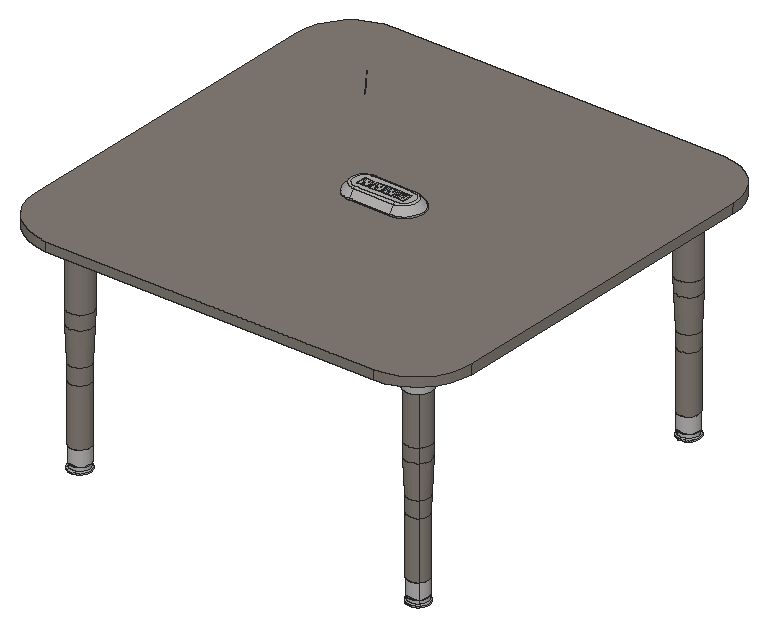
Revit family "Table-Teknion-Zones_ZNTWB-R2015", category Furniture, Revit 2015 (continued)
Definition of nested family "Accessory-Power_Pill-Teknion-Zones_ZNEP_Four_Modules-R2013"
  Automatic sketch dimensions
    curve 117 to curve 117 = 0.04"
    curve 111 to curve 119 = 0"
    curve 120 to curve 120 = 0.04"
    curve 121 to curve 119 = 0.04"
    curve 123 to curve 123 = 0.04"
    plane 3 "Center L/R" to curve 126 = 0.18154"
    curve 125 to curve 125 = 0.04"
    curve 127 to curve 127 = 0.04"
    curve 62 to curve 128 = 0.22246"
    curve 128 to curve 129 = 0.04"
    curve 131 to curve 131 = 0.04"
    curve 134 to plane 1 "Center F/B" = 0.525"
    curve 133 to curve 133 = 0.04"
    curve 135 to curve 135 = 0.04"
    curve 107 to curve 136 = 0.22246"
    curve 136 to curve 137 = 0.04"
    curve 101 to curve 138 = 0.19681"
    curve 139 to curve 139 = 0.04"
    curve 1 to curve 109 = 0.04829"
    curve 9 to curve 118 = 0.04003"
    curve 9 to curve 118 = 0.03349"
    curve 17 to curve 126 = 0.04003"
    curve 17 to curve 126 = 0.03349"
    curve 25 to curve 134 = 0.0483"
Definition of nested family "Table-Cable_Manager-Teknion-Zones_ZNEC-R2013"
  Parameters
    Width = 2.40687"
    Warranty = "http://www.teknion.com/ca/papers/legal-canada"
    URL = "www.teknion.com"
    Sustainability Data = "http://www.teknion.com/ca/tools/assets#&asset=444deb64-fe58-4b68-981e-f75e97781df7,b4ff2d81-9f2e-437d-9659-7cffb09c31cf"
    Square or Round Workshop [instance] = yes
    Series = "Zones"
    Rectangular Workshop [instance] = not(Square or Round Workshop)  # no
    Product Page URL = "http://www.teknion.com/products/product-details?productLineId=b28c7a6e-8e7a-673b-a6c8-ff64004460c4"
    Product Line = "Zones"
    Product Documentation Link = "http://www.teknion.com/pricing/Zones/pdfs/ZNEC_ppg.pdf"
    Part Number = "ZNEC"
    Model = "See Item Code"
    Manufacturer Phone = "416-661-3370"
    Manufacturer Fax = "416.661.4586"
    Manufacturer Contact Information = "http://www.teknion.com/ca/contactus"
    Manufacturer Address = "1150 Flint Road, Toronto, ON. M3J 2J5. Canada"
    Manufacturer = "Teknion"  # constant formula
    Item Code [instance] = if(Square or Round Workshop, "ZNECTS", "ZNECTR")  # "ZNECTS"
    Height [instance] = 24"
    Description = "Workshop Table Cable Manager, Task Height"
    Depth = 4 57/128"
    Cable Manager Material = none
    Assembly Code = "E2020200"
  Reference planes (in)
    plane 1 "Center F/B": y = 0
    plane 2: z = 0
    plane 3 "Center L/R": x = 0
    plane 4 "Left": x = -1.20344
    plane 5 "Right": x = 1.20344
    plane 6 "Back": y = 2.22265
    plane 7 "Front": y = -2.22265
    plane 8 "Top": z = 24
    plane 9: y = 1.01922
    plane 10: y = -1.01922
    plane 11 "Masking Region": z = 27
  Forms (in)
    Sweep 1, solid, material <- "Cable Manager Material"
      path origin (0, 0, 0) x (1, 0, 0) y (0, 1, 0)
        loop
          line (-1.20344, 1.01922) -> (-1.20344, -1.01922)
          arc (-1.20344, -1.01922) -> (0, -2.22265) -> (1.20344, -1.01922) r 1.20344
          line (1.20344, -1.01922) -> (1.20344, 1.01922)
          arc (1.20344, 1.01922) -> (0, 2.22265) -> (-1.20344, 1.01922) r 1.20344
      profile origin (-1.20344, 0, 0) x (1, 0, 0) y (0, 0, 1)
        loop
          line (0, 22.64001) -> (0, 0) -> (0.04, 0) -> (0.04, 22.63944)
          arc (0.04, 22.63944) -> (0.06579, 22.81091) -> (0.13177, 22.97126) r 0.72121
          arc (0.13177, 22.97126) -> (0.23286, 23.12734) -> (0.35305, 23.26924) r 1.45442
          line (0.35305, 23.26924) -> (0.29818, 23.26924)
          arc (0.29818, 23.26924) -> (0.1895, 23.13583) -> (0.09687, 22.99082) r 1.49442
          arc (0.09687, 22.99082) -> (0.02716, 22.82129) -> (0, 22.64001) r 0.76121
    Sweep 2, void
      path origin (0, 0, 0) x (1, 0, 0) y (0, 1, 0)
        loop
          line (0, 2.22265) -> (0, -2.22265)
      profile origin (0, 0, 0) x (1, 0, 0) y (0, 0, 1)
        loop
          line (-0.55955, 24) -> (-0.55955, 22.43135)
          arc (-0.55955, 22.43135) -> (-0.52293, 22.34296) -> (-0.43455, 22.30635) r 0.125
          line (-0.43455, 22.30635) -> (0.43455, 22.30635)
          arc (0.43455, 22.30635) -> (0.52293, 22.34296) -> (0.55955, 22.43135) r 0.125
          line (0.55955, 22.43135) -> (0.55955, 24) -> (-0.55955, 24)
    Sweep 3, solid
      path origin (0, 0, 0) x (1, 0, 0) y (0, 1, 0)
        loop
          arc (1.20344, 1.01922) -> (0, 2.22265) -> (-1.20344, 1.01922) r 1.20344
          line (-1.20344, 1.01922) -> (-1.20344, -1.01922)
          arc (-1.20344, -1.01922) -> (0, -2.22265) -> (1.20344, -1.01922) r 1.20344
          line (1.20344, -1.01922) -> (1.20344, 1.01922)
      profile origin (-1.20344, 0, 0) x (1, 0, 0) y (0, 0, 1)
        loop
          circle (0.37162, 23.21258) r 0.0937
    Sweep 4, solid
      path origin (0, 0, 0) x (1, 0, 0) y (0, 0, 1)
        loop
          line (0, 23.92126) -> (0, 24)
      profile origin (0, 0, 23.96063) x (-1, 0, 0) y (0, -1, 0)
        loop
          line (0.4101, 0.5) -> (0.68898, 0.6015) -> (0.68898, 1.44442)
          arc (0.68898, 1.44442) -> (0.51174, 1.56247) -> (0.31496, 1.64387) r 1.09197
          line (0.31496, 1.64387) -> (0.31496, 1.71161) -> (-0.31496, 1.71161) -> (-0.31496, 1.64387)
          arc (-0.31496, 1.64387) -> (-0.51174, 1.56247) -> (-0.68898, 1.44442) r 1.09197
          line (-0.68898, 1.44442) -> (-0.68898, 0.6015) -> (-0.4101, 0.5) -> (-0.4101, -0.5) -> (-0.68898, -0.6015) -> (-0.68898, -1.44442)
          arc (-0.68898, -1.44442) -> (-0.51174, -1.56247) -> (-0.31496, -1.64387) r 1.09197
          line (-0.31496, -1.64387) -> (-0.31496, -1.71161) -> (0.31496, -1.71161) -> (0.31496, -1.64387)
          arc (0.31496, -1.64387) -> (0.51174, -1.56247) -> (0.68898, -1.44442) r 1.09197
          line (0.68898, -1.44442) -> (0.68898, -0.6015) -> (0.4101, -0.5) -> (0.4101, 0.5)
    Sweep 5, solid
      path origin (0, 0, 0) x (1, 0, 0) y (0, 1, 0)
        loop
          line (-0.31496, 0) -> (0.31496, 0)
      profile origin (0, 0, 0) x (0, 1, 0) y (0, 0, 1)
        loop
          line (1.71161, 23.2126) -> (1.71161, 23.92126) -> (1.63287, 23.92126) -> (1.63287, 23.1187) -> (1.74838, 23.1187)
          arc (1.74838, 23.1187) -> (1.72113, 23.16218) -> (1.71161, 23.2126) r 0.13829
        loop
          arc (-1.71161, 23.2126) -> (-1.72113, 23.16218) -> (-1.74838, 23.1187) r 0.13829
          line (-1.74838, 23.1187) -> (-1.63287, 23.1187) -> (-1.63287, 23.92126) -> (-1.71161, 23.92126) -> (-1.71161, 23.2126)
    Sweep 6, solid, visible <- "Square or Round Workshop"
      path origin (0, 0, 0) x (1, 0, 0) y (0, 0, 1)
        loop
          line (0, 23.94) -> (0, 21)
      profile origin (0, 0, 22.47) x (0, -1, 0) y (1, 0, 0)
        loop
          arc (-2.75, -1.2021) -> (-2.62318, -1.50828) -> (-2.317, -1.6351) r 0.433
          line (-2.317, -1.6351) -> (2.317, -1.6351)
          arc (2.317, -1.6351) -> (2.62318, -1.50828) -> (2.75, -1.2021) r 0.433
          line (2.75, -1.2021) -> (2.75, -0.058)
          arc (2.75, -0.058) -> (2.73301, -0.01699) -> (2.692, 0) r 0.058
          arc (2.692, 0) -> (2.73301, 0.01699) -> (2.75, 0.058) r 0.058
          line (2.75, 0.058) -> (2.75, 1.2021)
          arc (2.75, 1.2021) -> (2.62318, 1.50828) -> (2.317, 1.6351) r 0.433
          line (2.317, 1.6351) -> (-2.317, 1.6351)
          arc (-2.317, 1.6351) -> (-2.62318, 1.50828) -> (-2.75, 1.2021) r 0.433
          line (-2.75, 1.2021) -> (-2.75, 0.058)
          arc (-2.75, 0.058) -> (-2.73301, 0.01699) -> (-2.692, 0) r 0.058
          arc (-2.692, 0) -> (-2.73301, -0.01699) -> (-2.75, -0.058) r 0.058
          line (-2.75, -0.058) -> (-2.75, -1.2021)
        loop
          line (-2.702, -0.048) -> (-2.702, -1.2021)
          arc (-2.702, -1.2021) -> (-2.58924, -1.47434) -> (-2.317, -1.5871) r 0.385
          line (-2.317, -1.5871) -> (2.317, -1.5871)
          arc (2.317, -1.5871) -> (2.58924, -1.47434) -> (2.702, -1.2021) r 0.385
          line (2.702, -1.2021) -> (2.702, -0.048) -> (1.75, -0.048) -> (1.75, 0.048) -> (2.702, 0.048) -> (2.702, 1.2021)
          arc (2.702, 1.2021) -> (2.58924, 1.47434) -> (2.317, 1.5871) r 0.385
          line (2.317, 1.5871) -> (-2.317, 1.5871)
          arc (-2.317, 1.5871) -> (-2.58924, 1.47434) -> (-2.702, 1.2021) r 0.385
          line (-2.702, 1.2021) -> (-2.702, 0.048) -> (-1.75, 0.048) -> (-1.75, -0.048) -> (-2.702, -0.048)
    Sweep 7, solid, visible <- "Square or Round Workshop"
      path origin (0, 0, 0) x (1, 0, 0) y (0, 0, 1)
        loop
          line (0, 23.94) -> (0, 24)
      profile origin (0, 0, 23.97) x (-1, 0, 0) y (0, -1, 0)
        loop
          line (1.6351, -1.7247) -> (1.6351, 1.7247) -> (0.9742, 1.7247)
          arc (0.9742, 1.7247) -> (0.88581, 1.68809) -> (0.8492, 1.5997) r 0.125
          line (0.8492, 1.5997) -> (0.8492, -1.5997)
          arc (0.8492, -1.5997) -> (0.88581, -1.68809) -> (0.9742, -1.7247) r 0.125
          line (0.9742, -1.7247) -> (1.6351, -1.7247)
        loop
          line (-1.6351, 1.7247) -> (-1.6351, -1.7247) -> (-0.9742, -1.7247)
          arc (-0.9742, -1.7247) -> (-0.88581, -1.68809) -> (-0.8492, -1.5997) r 0.125
          line (-0.8492, -1.5997) -> (-0.8492, 1.5997)
          arc (-0.8492, 1.5997) -> (-0.88581, 1.68809) -> (-0.9742, 1.7247) r 0.125
          line (-0.9742, 1.7247) -> (-1.6351, 1.7247)
  Cuts and joins
    Sweep 2 cuts Sweep 1
    joined: Sweep 4, Sweep 5
    joined: Sweep 6, Sweep 7
  Lines and regions (in)
    Masking region 1, visible <- "Square or Round Workshop"
      outline origin (0, 0, 27) x (-1, 0, 0) y (0, -1, 0)
        loop
          arc (0, -2.692) -> (0.01699, -2.73301) -> (0.058, -2.75) r 0.058
          line (0.058, -2.75) -> (1.2021, -2.75)
          arc (1.2021, -2.75) -> (1.50828, -2.62318) -> (1.6351, -2.317) r 0.433
          line (1.6351, -2.317) -> (1.6351, 2.317)
          arc (1.6351, 2.317) -> (1.50828, 2.62318) -> (1.2021, 2.75) r 0.433
          line (1.2021, 2.75) -> (0.058, 2.75)
          arc (0.058, 2.75) -> (0.01699, 2.73301) -> (0, 2.692) r 0.058
          arc (0, 2.692) -> (-0.01699, 2.73301) -> (-0.058, 2.75) r 0.058
          line (-0.058, 2.75) -> (-1.2021, 2.75)
          arc (-1.2021, 2.75) -> (-1.50828, 2.62318) -> (-1.6351, 2.317) r 0.433
          line (-1.6351, 2.317) -> (-1.6351, -2.317)
          arc (-1.6351, -2.317) -> (-1.50828, -2.62318) -> (-1.2021, -2.75) r 0.433
          line (-1.2021, -2.75) -> (-0.058, -2.75)
          arc (-0.058, -2.75) -> (-0.01699, -2.73301) -> (0, -2.692) r 0.058
        loop
          line (0.048, -2.702) -> (1.2021, -2.702)
          arc (1.2021, -2.702) -> (1.47434, -2.58924) -> (1.5871, -2.317) r 0.385
          line (1.5871, -2.317) -> (1.5871, -1.7247) -> (0.9742, -1.7247)
          arc (0.9742, -1.7247) -> (0.88581, -1.68809) -> (0.8492, -1.5997) r 0.125
          line (0.8492, -1.5997) -> (0.8492, 1.5997)
          arc (0.8492, 1.5997) -> (0.88581, 1.68809) -> (0.9742, 1.7247) r 0.125
          line (0.9742, 1.7247) -> (1.5871, 1.7247) -> (1.5871, 2.317)
          arc (1.5871, 2.317) -> (1.47434, 2.58924) -> (1.2021, 2.702) r 0.385
          line (1.2021, 2.702) -> (0.048, 2.702) -> (0.048, 1.75) -> (-0.048, 1.75) -> (-0.048, 2.702) -> (-1.2021, 2.702)
          arc (-1.2021, 2.702) -> (-1.47434, 2.58924) -> (-1.5871, 2.317) r 0.385
          line (-1.5871, 2.317) -> (-1.5871, 1.7247) -> (-0.9742, 1.7247)
          arc (-0.9742, 1.7247) -> (-0.88581, 1.68809) -> (-0.8492, 1.5997) r 0.125
          line (-0.8492, 1.5997) -> (-0.8492, -1.5997)
          arc (-0.8492, -1.5997) -> (-0.88581, -1.68809) -> (-0.9742, -1.7247) r 0.125
          line (-0.9742, -1.7247) -> (-1.5871, -1.7247) -> (-1.5871, -2.317)
          arc (-1.5871, -2.317) -> (-1.47434, -2.58924) -> (-1.2021, -2.702) r 0.385
          line (-1.2021, -2.702) -> (-0.048, -2.702) -> (-0.048, -1.75) -> (0.048, -1.75) -> (0.048, -2.702)
    symbolic lines
      curve 1: arc (1.20344, 1.01922, 27) -> (0, 2.22265, 27) -> (-1.20344, 1.01922, 27) r 1.20344
      curve 2: line (-1.20344, 1.01922, 27) -> (-1.20344, -1.01922, 27)
      curve 3: line (1.20344, -1.01922, 27) -> (1.20344, 1.01922, 27)
      curve 4: arc (-1.20344, -1.01922, 27) -> (0, -2.22265, 27) -> (1.20344, -1.01922, 27) r 1.20344
  Dimensions and locks (in)
    "Height": plane 8 "Top" to plane 2
    equal spacing: plane 4 "Left", plane 3 "Center L/R", plane 5 "Right"
    "Width": plane 4 "Left" to plane 5 "Right"
    equal spacing: plane 6 "Back", plane 1 "Center F/B", plane 7 "Front"
    "Depth": plane 6 "Back" to plane 7 "Front"
    plane 10 to plane 1 "Center F/B" to plane 9 = 1.01922" locked, 1.01922" locked
    Sweep 2 sketch curve to plane 3 "Center L/R" to Sweep 2 sketch curve = 0.55955" locked, 0.55955" locked
    locked: plane 8 "Top" to Sweep 2 sketch curve at 1.69365
    locked: Sweep 1 sketch curve to plane 4 "Left" at 0.04
    locked: plane 8 "Top" to Sweep 4 sketch curve at 0.07874
    Sweep 4 sketch curve to Sweep 4 sketch curve to Sweep 4 sketch curve to plane 3 "Center L/R" to Sweep 4 sketch curve to Sweep 4 sketch curve to Sweep 4 sketch curve = 0" locked, 0.27887" locked, 0.4101" locked, 0.4101" locked, 0.27887" locked, 0" locked
    Sweep 5 sketch curve to plane 3 "Center L/R" to Sweep 5 sketch curve = 0.31496" locked, 0.31496" locked
    plane 6 "Back" to Sweep 5 sketch curve to Sweep 5 sketch curve = 0.51104" locked, 0.07874" locked
    Sweep 5 sketch curve to Sweep 5 sketch curve to plane 7 "Front" = 0.07874" locked, 0.51104" locked
    plane 8 "Top" to Sweep 5 sketch curve to Sweep 5 sketch curve = 0.07874" locked, 0.80256" locked  (x2)
    Sweep 4 sketch curve to plane 1 "Center F/B" to Sweep 4 sketch curve = 1.71161" locked, 1.71161" locked
    locked: plane 11 "Masking Region" to plane 8 "Top" at 3
    locked: plane 8 "Top" to Sweep 6 sketch curve at 3
    Sweep 6 sketch curve to plane 1 "Center F/B" to Sweep 6 sketch curve = 2 3/4" locked, 2 3/4" locked
    locked: plane 8 "Top" to Sweep 7 sketch curve at 0.06
    Sweep 7 sketch curve to Sweep 7 sketch curve to plane 1 "Center F/B" to Sweep 7 sketch curve to Sweep 7 sketch curve = 0" locked, 1.7247" locked, 1.7247" locked, 0" locked
    locked: plane 8 "Top" to Sweep 6 sketch curve at 0.06
    Sweep 6 sketch curve to plane 3 "Center L/R" to Sweep 6 sketch curve = 1.6351" locked, 1.6351" locked
    Sweep 7 sketch curve to plane 3 "Center L/R" to Sweep 7 sketch curve = 1.6351" locked, 1.6351" locked
    locked: plane 8 "Top" to Sweep 3 sketch curve at 0.78742
    plane 8 "Top" to Sweep 1 sketch curve to Sweep 1 sketch curve to Sweep 1 sketch curve = 0.73076" locked, 0.65056" locked, 0.35846" locked
    aligned and locked: level to plane 2
    aligned and locked: plane 6 "Back" to Sweep 2 sketch curve
    aligned and locked: plane 7 "Front" to Sweep 2 sketch curve
    aligned and locked: Sweep 2 sketch curve to plane 3 "Center L/R"
    aligned and locked: Sweep 2 sketch curve to plane 8 "Top"
    aligned and locked: Sweep 1 sketch curve to plane 4 "Left"  (x2)
    aligned and locked: Sweep 1 sketch curve to plane 5 "Right"
    aligned and locked: plane 9 to Sweep 1 sketch curve
    aligned and locked: plane 10 to Sweep 1 sketch curve
    aligned and locked: Sweep 3 sketch curve to plane 4 "Left"
    aligned and locked: plane 5 "Right" to Sweep 3 sketch curve
    aligned and locked: plane 9 to Sweep 3 sketch curve
    aligned and locked: plane 10 to Sweep 3 sketch curve
    aligned and locked: plane 3 "Center L/R" to Sweep 3 sketch curve  (x2)
    aligned and locked: plane 8 "Top" to Sweep 4 sketch curve
    aligned and locked: plane 3 "Center L/R" to Sweep 4 sketch curve
    aligned and locked: plane 1 "Center F/B" to Sweep 5 sketch curve
    aligned and locked: Sweep 6 sketch curve to plane 3 "Center L/R"
    aligned and locked: plane 8 "Top" to Sweep 7 sketch curve
    aligned and locked: plane 3 "Center L/R" to Sweep 7 sketch curve
    aligned and locked: Masking region 1 sketch curve to cut or joined group of Sweep 6, Sweep 7  (x24)
    aligned and locked: cut or joined group of Sweep 6, Sweep 7 to Masking region 1 sketch curve  (x2)
    aligned and locked: curve 2 to plane 4 "Left"
    aligned and locked: plane 5 "Right" to curve 3
    aligned and locked: plane 9 to curve 1
    aligned and locked: plane 3 "Center L/R" to curve 1
    aligned and locked: plane 3 "Center L/R" to curve 4
    aligned and locked: plane 10 to curve 4
  Automatic sketch dimensions
    Sweep 1 sketch curve to level = 0"
    Sweep 1 sketch curve to profile plane = 0.09687"
    Sweep 1 sketch curve to Sweep 1 sketch curve = 0"  (x6)
    Sweep 1 sketch curve to Sweep 1 sketch curve = 0.03489"
    Sweep 1 sketch curve to Sweep 1 sketch curve = 0.05487"
    Sweep 1 sketch curve to Sweep 1 sketch curve = 0.00057"
    profile plane to Sweep 2 sketch curve = 0.43455"
    Sweep 2 sketch curve to Sweep 2 sketch curve = 1/8"
    Sweep 3 sketch curve to profile plane = 0.37162"
    Sweep 4 sketch curve to profile plane = 0.31496"  (x2)
    profile plane to Sweep 4 sketch curve = 0.31496"  (x2)
    profile plane to Sweep 4 sketch curve = 0.00209"  (x2)
    Sweep 4 sketch curve to profile plane = 0.00209"  (x2)
    Sweep 4 sketch curve to Sweep 4 sketch curve = 0.06774"  (x4)
    Sweep 4 sketch curve to Sweep 4 sketch curve = 0.19946"  (x4)
    Sweep 4 sketch curve to plane 1 "Center F/B" = 0.6015"  (x2)
    Sweep 4 sketch curve to Sweep 4 sketch curve = 0.1015"  (x4)
    plane 1 "Center F/B" to Sweep 4 sketch curve = 1/2"  (x2)
    Sweep 5 sketch curve to Sweep 5 sketch curve = 0.03677"  (x2)
    Sweep 5 sketch curve to Sweep 5 sketch curve = 0.13829"
    Sweep 5 sketch curve to Sweep 5 sketch curve = 0.10152"
    Sweep 6 sketch curve to Sweep 6 sketch curve = 0"  (x10)
    profile plane to Sweep 6 sketch curve = 0.058"
    Sweep 6 sketch curve to Sweep 6 sketch curve = 0.048"
    Sweep 6 sketch curve to Sweep 6 sketch curve = 0.385"  (x2)
    profile plane to Sweep 6 sketch curve = 0.048"
    Sweep 6 sketch curve to Sweep 6 sketch curve = 0.567"  (x2)
    Sweep 6 sketch curve to Sweep 6 sketch curve = 0.952"
    Sweep 6 sketch curve to profile plane = 0"
    Sweep 6 sketch curve to Sweep 6 sketch curve = 0.01"  (x4)
    Sweep 6 sketch curve to profile plane = 0.048"  (x2)
    Sweep 6 sketch curve to Sweep 6 sketch curve = 0.942"
    Sweep 6 sketch curve to profile plane = 0.058"  (x2)
    Sweep 7 sketch curve to Sweep 7 sketch curve = 1/8"  (x3)
    Sweep 7 sketch curve to Sweep 7 sketch curve = 0.6609"  (x2)
    profile plane to Sweep 7 sketch curve = 0.8492"
    radius of Sweep 3 sketch curve = 0.0937"
Definition of nested family "Support-Frame-Teknion-Zones_ZNTW-R2015"
  Parameters (values of type "Frame")
    Width = 37 7/32"
    URL = ""
    Table Frame Finish [instance] = none
    Model = ""
    Manufacturer = ""
    Leg Wood Finish [instance] = none
    Height = 1.631"
    Description = ""
    Depth = 37 7/32"
    Assembly Code = "E2020200"
  Reference planes (in)
    plane 1 "Top 1": z = 22.369
    plane 2 "Center (Left/Right)": x = 0
    plane 3 "Left": x = -18.60937
    plane 4 "Right": x = 18.60938
    plane 5 "Top": z = 24
    plane 6 "Back": y = 18.60937
    plane 7: y = -18.60938
    plane 8: y = 0
    plane 9 "Bottom": z = 0
    plane 10 "Frame Symbol": z = 26
  Forms (in)
    Sweep 1, solid, material <- "Table Frame Finish"
      path origin (0, 0, 24) x (-1, 0, 0) y (0, -1, 0)
        loop
          line (-18.60937, -18.60937) -> (18.60938, -18.60937) -> (18.60938, 18.60938) -> (-18.60937, 18.60938) -> (-18.60937, -18.60937)
      profile origin (0, 18.60937, 24) x (0, -1, 0) y (0, 0, 1)
        loop
          arc (5.32014, -1.61829) -> (5.68566, -1.51002) -> (5.84375, -1.16312) r 0.45964
          line (5.84375, -1.16312) -> (5.84375, 0) -> (0, 0) -> (0, -0.49716)
          arc (0, -0.49716) -> (0.10537, -0.77899) -> (0.3698, -0.92256) r 0.42959
          line (0.3698, -0.92256) -> (5.32014, -1.61829)
  Lines and regions (in)
    symbolic lines, detail levels medium+fine
      curve 1: line (18.60937, 18.60937, 26) -> (-18.60938, 18.60937, 26)
      curve 2: line (18.60937, -18.60938, 26) -> (18.60937, 18.60937, 26)
      curve 3: line (-18.60938, -18.60938, 26) -> (18.60937, -18.60938, 26)
      curve 4: line (-18.60938, 18.60937, 26) -> (-18.60938, -18.60938, 26)
      curve 5: line (-12.76563, 12.76563, 26) -> (12.76563, 12.76563, 26)
      curve 6: line (-12.76563, -12.76563, 26) -> (-12.76563, 12.76563, 26)
      curve 7: line (12.76563, -12.76563, 26) -> (-12.76563, -12.76563, 26)
      curve 8: line (12.76563, 12.76563, 26) -> (12.76563, -12.76563, 26)
  Dimensions and locks (in)
    equal spacing: plane 3 "Left", plane 2 "Center (Left/Right)", plane 4 "Right"
    "Width": plane 3 "Left" to plane 4 "Right"
    "Height": plane 5 "Top" to plane 1 "Top 1"
    Sweep 1 sketch curve to Sweep 1 sketch curve to Sweep 1 sketch curve to plane 1 "Top 1" = 0.49716", 0.66597", 0.46788" locked
    "Depth": plane 6 "Back" to plane 7
    equal spacing: plane 6 "Back", plane 8, plane 7
    locked: plane 5 "Top" to plane 9 "Bottom" at 24
    plane 10 "Frame Symbol" to plane 9 "Bottom" = 26"
    aligned and locked: Sweep 1 sketch curve to plane 3 "Left"
    aligned and locked: plane 4 "Right" to Sweep 1 sketch curve
    aligned and locked: Sweep 1 to plane 3 "Left"
    aligned and locked: plane 6 "Back" to Sweep 1
    aligned and locked: Sweep 1 sketch curve to plane 7
    aligned and locked: curve 3 to Sweep 1
    aligned and locked: curve 4 to Sweep 1
    aligned and locked: curve 5 to Sweep 1
    aligned and locked: curve 6 to Sweep 1
    aligned and locked: curve 7 to Sweep 1
    aligned and locked: curve 8 to Sweep 1
    aligned and locked: nested 1 to plane 4 "Right"
    aligned and locked: nested 1 to plane 7
    aligned and locked: nested 2 to plane 6 "Back"
    aligned and locked: plane 4 "Right" to nested 2
    aligned and locked: plane 3 "Left" to nested 3
    aligned and locked: plane 6 "Back" to nested 3
    aligned and locked: plane 7 to nested 4
    aligned and locked: nested 4 to plane 3 "Left"
    aligned and locked: plane 9 "Bottom" to level
    aligned and locked: plane 5 "Top" to Sweep 1
    aligned and locked: nested 4 to plane 9 "Bottom"  (x2)
    aligned and locked: plane 9 "Bottom" to nested 3  (x2)
    aligned and locked: plane 5 "Top" to nested 4
    aligned and locked: nested 4 to plane 5 "Top"
    aligned and locked: plane 5 "Top" to nested 3
    aligned and locked: nested 3 to plane 5 "Top"
  Automatic sketch dimensions
    Sweep 1 sketch curve to profile plane = 0.3698"
    Sweep 1 sketch curve to profile plane = 0.42959"
    Sweep 1 sketch curve to Sweep 1 sketch curve = 0.06397"
    Sweep 1 sketch curve to plane 6 "Back" = 0"
    curve 1 to plane 4 "Right" = 0"
    curve 2 to plane 6 "Back" = 0"
    Sweep 1 sketch curve to plane 5 "Top" = 1.61829"
    Sweep 1 sketch curve to Sweep 1 sketch curve = 4.95034"
    Sweep 1 sketch curve to profile plane = 0"
  Nested families (in)
    nested 1: "Support-Leg-Teknion-Zones_ZNTW-R2015" at (18.60938, -18.60938, 0) x (0, -1, 0) z (0, 0, 1), type "Leg Support"
      with Support Visibility yes
    nested 2: "Support-Leg-Teknion-Zones_ZNTW-R2015" at (18.60937, 18.60937, 0), type "Leg Support"
      with Support Visibility yes
    nested 3: "Support-Leg-Teknion-Zones_ZNTW-R2015" at (-18.60938, 18.60937, 0) x (0, 1, 0) z (0, 0, 1), type "Leg Support"
      with Support Visibility yes
    nested 4: "Support-Leg-Teknion-Zones_ZNTW-R2015" at (-18.60937, -18.60938, 0) x (-1, 0, 0) z (0, 0, 1), type "Leg Support"
      with Support Visibility yes
  Definition of nested family "Support-Leg-Teknion-Zones_ZNTW-R2015"
    Parameters (values of type "Leg Support")
      Width = 9.836"
      URL = ""
      Support Visibility [instance] = yes
      Model = ""
      Manufacturer = ""
      Leg Wood Finish = none
      Leg Paint Finish = none
      Height = 24"
      Description = ""
      Depth = 2.948"
      Assembly Code = "E2020200"
    Reference planes (in)
      plane 1 "Center (Front/Back)": y = 0
      plane 2 "Bottom": z = 0
      plane 3 "Center (Left/Right)": x = 0
      plane 4 "Right": x = 1.47516
      plane 5 "Back": y = 1.474
      plane 6 "Front": y = -1.474
      plane 7: x = -8.36084
      plane 8: z = 24
      plane 9 "Ref Lines": z = 26.74724
    Forms (in)
      Revolve 1, solid, material <- "Leg Paint Finish"
        sketch origin (0.00034, -0.00082, 0) x (0.707107, 0.707107, 0) y (0, 0, 1)
          loop
            line (1.0564, 2.49702) -> (0, 2.49702) -> (0, 0) -> (0.84375, 0) -> (0.84375, 0.0625) -> (1.18523, 0.0625) -> (1.18523, 0.18094)
            arc (1.18523, 0.18094) -> (1.15073, 0.26422) -> (1.06744, 0.29872) r 0.11778
            line (1.06744, 0.29872) -> (0.98409, 0.29872) -> (0.96855, 0.74385) -> (1.06256, 0.74385)
            arc (1.06256, 0.74385) -> (1.07674, 0.74972) -> (1.08262, 0.7639) r 0.02006
            line (1.08262, 0.7639) -> (1.08262, 2.4708)
            arc (1.08262, 2.4708) -> (1.07494, 2.48934) -> (1.0564, 2.49702) r 0.02622
          axis (0, 2.49702) -> (0, 0)
        angle from 0 to 360
      Revolve 2, solid, material <- "Leg Wood Finish"
        sketch origin (0.00034, -0.00082, 0.24219) x (0.707107, 0.707107, 0) y (0, 0, 1)
          loop
            line (1.12205, 2.25471) -> (1.12205, 8.56551) -> (1.15265, 10.35328) -> (1.30887, 14.07994) -> (1.33582, 15.62413) -> (1.33582, 21.00191) -> (0, 21.00191) -> (0, 2.25471) -> (1.12205, 2.25471)
          axis (0, 21.00191) -> (0, 2.25471)
        angle from 0 to 360
      Sweep 3, solid, material <- "Leg Paint Finish", visible <- "Support Visibility"
        path origin (1.05373, -1.0431, -4) x (0.707107, 0.707107, 0) y (0, 0, 1)
          loop
            line (1.47516, 28) -> (1.47516, 25.244)
        profile origin (2.09683, 0, 22.622) x (0.707107, -0.707107, 0) y (0.707107, 0.707107, 0)
          loop
            circle (-1.474, -1.47516) r 1.47501
      SweptBlend 4, solid, material <- "Leg Paint Finish", visible <- "Support Visibility"
        path origin (0.00545, 0.00603, -4) x (0.707107, 0.707107, 0) y (-0.707107, 0.707107, 0)
          loop
            line (0, 0) -> (-8.36084, 0)
        profile origin (0.00545, 0.00603, -4) x (0.707107, -0.707107, 0) y (0, 0, 1)
          loop
            line (-1.47501, 25.244) -> (1.47501, 25.244) -> (1.47501, 28) -> (-1.47501, 28) -> (-1.47501, 25.244)
        end profile origin (-5.90656, -5.90598, -4) x (0.707107, -0.707107, 0) y (0, 0, 1)
          loop
            line (-0.25716, 28) -> (-0.19194, 26.13218) -> (0.19194, 26.13218) -> (0.25716, 28) -> (-0.25716, 28)
    Cuts and joins
      joined: Sweep 3, SweptBlend 4
    Lines and regions (in)
      symbolic lines, detail levels fine
        curve 1: line (-1.29684, 0.7013, 26.74724) -> (-6.0884, -5.72414, 26.74724)
        curve 2: line (-5.72472, -6.08782, 26.74724) -> (0.66403, -1.32362, 26.74724)
        curve 3: line (-6.0884, -5.72414, 26.74724) -> (-5.72472, -6.08782, 26.74724)
        curve 4: arc (1.03925, -1.04787, 26.74724) -> (1.04536, 1.04013, 26.74724) -> (-1.04265, 1.04217, 26.74724) r 1.47501
        curve 6: arc (-1.03153, -1.04381, 26.74724) -> (1.05445, -1.04381, 26.74724) -> (1.05445, 1.04217, 26.74724) r 1.47501
      symbolic lines, detail levels medium+fine
        curve 5: circle (0.00034, -0.00082, 26.74724) r 1.18523 normal (0, 0, 1)
    Dimensions and locks (in)
      locked: Revolve 1 sketch curve to plane 2 "Bottom" at 0.0625
      Revolve 1 sketch curve to Revolve 1 sketch curve to Revolve 1 sketch curve to Revolve 1 sketch curve = 1.75317" locked, 0.44513" locked, 0.23622" locked
      Revolve 1 sketch curve to Revolve 1 sketch curve to Revolve 1 sketch curve to Revolve 1 sketch curve = 0.09852" locked, 0.14034" locked, 27/32"
      Revolve 2 sketch curve to Revolve 2 sketch curve to Revolve 2 sketch curve = 5.51443" locked, 6.3108" locked
      Revolve 2 sketch curve to Revolve 2 sketch curve to Revolve 2 sketch curve = 0.18682" locked, 0" locked
      equal spacing: plane 5 "Back", plane 1 "Center (Front/Back)", plane 6 "Front"
      "Depth": plane 5 "Back" to plane 6 "Front"
      "Width": plane 7 to plane 4 "Right"
      plane 7 to plane 3 "Center (Left/Right)" to plane 4 "Right" = 8.36084", 1.47516"
      SweptBlend 4 sketch curve to SweptBlend 4 sketch curve = 2.95002"
      SweptBlend 4 sketch curve to SweptBlend 4 sketch curve = 0.38388"
      Sweep 3 to SweptBlend 4 sketch curve = 1.86782"
      "Height": plane 8 to plane 2 "Bottom"
      locked: plane 9 "Ref Lines" to plane 2 "Bottom" at 26.74724
      Revolve 2 sketch curve to Revolve 2 sketch curve to Revolve 2 sketch curve to plane 2 "Bottom" = 5.37778" locked, 13.36941" locked, 2.4969" locked
      aligned and locked: level to plane 2 "Bottom"
      aligned and locked: Revolve 1 to Revolve 1
      aligned and locked: Revolve 2 to Revolve 2
      aligned and locked: Sweep 3 to SweptBlend 4 sketch curve
      aligned and locked: plane 8 to SweptBlend 4
      aligned and locked: SweptBlend 4 to curve 2
      aligned and locked: SweptBlend 4 to curve 1
      aligned and locked: curve 6 to Sweep 3  (x2)
      aligned and locked: curve 3 to SweptBlend 4
    Automatic sketch dimensions
      Revolve 1 sketch curve to level = 0"
      Revolve 1 sketch curve to Revolve 1 sketch curve = 0.02622"
      Revolve 1 sketch curve to Revolve 1 sketch curve = 0.02006"
      Revolve 1 sketch curve to Revolve 1 sketch curve = 0.08335"
      Revolve 1 sketch curve to Revolve 1 sketch curve = 0.11778"
      Revolve 1 sketch curve to Revolve 1 sketch curve = 0.671"
      Revolve 1 sketch curve to Revolve 1 sketch curve = 0.68639"
      Revolve 2 sketch curve to Revolve 2 sketch curve = 1.12205"
      level to Revolve 2 sketch curve = 10.59546"
      Revolve 2 sketch curve to Revolve 2 sketch curve = 0.03061"
      Revolve 2 sketch curve to Revolve 2 sketch curve = 0"
      Revolve 2 sketch curve to Revolve 2 sketch curve = 0.02695"
      Revolve 2 sketch curve to level = 16.41417"
      Sweep 3 sketch curve to Sweep 3 sketch curve = 2.756"
      Sweep 3 sketch curve to profile plane = 1.474"
      profile plane to Sweep 3 sketch curve = 1.47516"
      plane 6 "Front" to SweptBlend 4 sketch curve = 4.43198"
      SweptBlend 4 sketch curve to plane 4 "Right" = 7.38172"
      SweptBlend 4 sketch curve to SweptBlend 4 sketch curve = 8.36084"
      profile plane to SweptBlend 4 sketch curve = 1.47501"
      SweptBlend 4 sketch curve to profile plane = 1.47501"
      profile plane to SweptBlend 4 sketch curve = 25.244"
      SweptBlend 4 sketch curve to SweptBlend 4 sketch curve = 2.756"
      profile plane to SweptBlend 4 sketch curve = 0.25716"
      profile plane to SweptBlend 4 sketch curve = 0.19194"
      SweptBlend 4 sketch curve to profile plane = 0.19194"
      SweptBlend 4 sketch curve to profile plane = 0.25716"
      SweptBlend 4 sketch curve to SweptBlend 4 sketch curve = 1.86782"
      plane 8 to Revolve 2 sketch curve = 26.43102"
      Sweep 3 sketch curve to plane 8 = 2.756"
      curve 4 to curve 5 = 0"  (x2)
      curve 4 to curve 6 = 0"
      plane 3 "Center (Left/Right)" to curve 5 = 0.00034"
      curve 6 to plane 4 "Right" = 0.42071"
      curve 4 to curve 2 = 0.37523"
      curve 6 to plane 3 "Center (Left/Right)" = 1.03153"
      curve 4 to plane 5 "Back" = 0.43183"
      curve 4 to curve 1 = 0.25419"
      curve 4 to curve 1 = 0.34087"
      radius of Sweep 3 sketch curve = 1.47501"
      radius of curve 5 = 1.18523"
Types (3): name | Voltage | With Center Light | Model | With Power Pill | Description | Connector Description | Apparent Load
  Table 48", with Center Light | 120 V | yes | "ZNTWB48L" | no | "Square Dialogue Workshop Table, 48\"d, with Center Light Cut-Out" | "Power Connector" | 21 VA
  Table 48'' | 0 V | no | "ZNTWB48N" | no | "Square Dialogue Workshop Table, 48\"d, without Cut-Out" | "Without Power Connector" | 0 VA
  Table 48", with Power Pill | 120 V | no | "ZNTWB48P" | yes | "Square Dialogue Workshop Table, 48\"d, With Center Pill Cut-Out" | "Power Connector" | 0 VA
